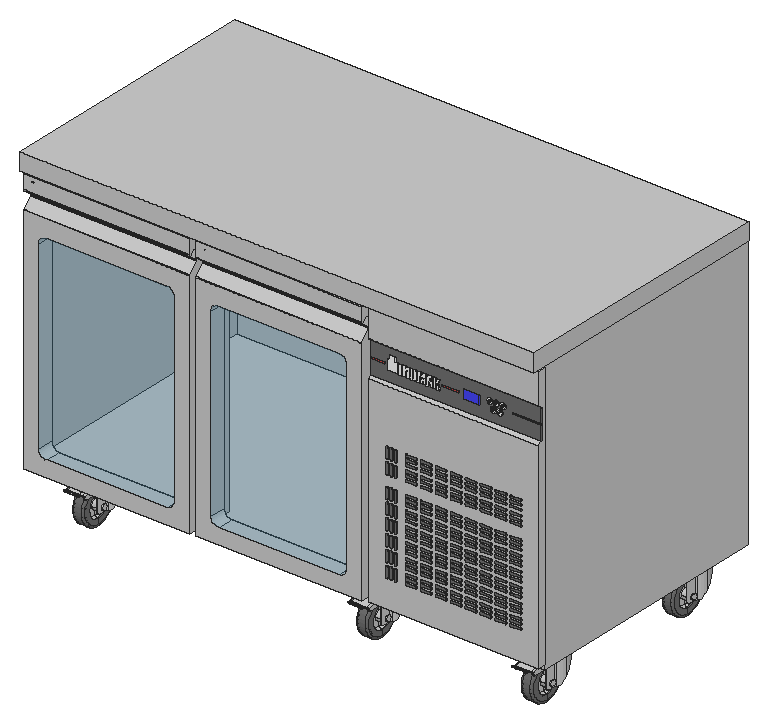
Revit family "QF_INOMAK_PNRP99_GL_250528080251", category Specialty Equipment, Revit 2021
Family settings
  Round Connector Dimension = Use Diameter
  Part Type = Normal
  OmniClass Number = 23.40.40.14
  OmniClass Title = Food Service Equipment
  Work Plane-Based = No
  Always vertical = Yes
  Cut with Voids When Loaded = No
  Shared = No
  Room Calculation Point = No
Parameters (values of type "PNRP99-GL")
  Weight [instance] = 114.001 kg
  Waste Water Discharge Temperature [instance] = 0 °C
  Waste Remarks [instance] = ""
  Warranty Start Date [instance] = ""
  Warranty Duration [instance] = ""
  Volts [instance] = 230 V
  Volt Free Conn [instance] = no
  URL Recommended Spares List [instance] = ""
  URL Manufacturer [instance] = ""
  URL Cutsheet [instance] = ""
  URL Critical Spares List [instance] = ""
  URL = "www.inomak.com"
  Technical Documentation [instance] = ""
  Tag Number [instance] = ""
  Status [instance] = ""
  Start Up Current [instance] = 0 A
  Specification by User [instance] = ""
  Specification by Manufacturer [instance] = ""
  Sound Level [instance] = ""
  Show Logo [instance] = yes
  Show Clearances [instance] = yes
  Service Life Duration [instance] = ""
  Serial Number [instance] = ""
  Seismic Rating [instance] = ""
  SMACNA No [instance] = ""
  Revision Code [instance] = ""
  Revision [instance] = ""
  Production Year [instance] = ""
  Potential Equalisation [instance] = no
  Point Load [instance] = 0
  Plumbing Connection Type [instance] = ""
  Phase [instance] = 1
  Other Equipment Approvals [instance] = ""
  Operational Current [instance] = 0 A
  Number of Poles [instance] = 2
  No Load Power Draw [instance] = no
  NAFEM Spec ID Number [instance] = ""
  Model Warning [instance] = ""
  Model = "PNRP99/GL"
  Min Ckt Ampacity [instance] = 0 A
  Max Overcurrent Protection [instance] = 10 A
  Masterspec [instance] = ""
  Manufacturer = "INOMAK"
  Main switch integrated [instance] = no
  Length Actual [instance] = 1342.136 mm
  Item Number [instance] = ""
  Installed By [instance] = ""
  Installation Date [instance] = ""
  Indirect Waste Size [instance] = 25.4 mm
  Indirect Waste Remarks [instance] = ""
  Indirect Waste Flow [instance] = 0.0 L/s
  Indirect Waste Connection Type [instance] = ""
  Indirect Waste Connection Height [instance] = 0 mm
  Identify Quantity as Lot [instance] = no
  ID [instance] = ""
  Hygiene Approval [instance] = ""
  Height Actual [instance] = 899.922 mm
  HP power [instance] = ""
  Furnished By [instance] = ""
  Foodservice Equipment Identifier [instance] = no
  FL Amps [instance] = 2.8 A
  Electrical Remarks [instance] = ""
  Electric power [instance] = 360 W
  Electric Connection Type [instance] = ""
  Elec Conn RI Height [instance] = 0 mm
  Elec Conn Connection Height [instance] = 0 mm
  ETL Approved [instance] = no
  Direct Waste Water Discharge Temperature [instance] = -273.15 °C
  Direct Waste Size [instance] = 25.4 mm
  Direct Waste RI Height [instance] = 0 mm
  Direct Waste Flow [instance] = 0.0 L/s
  Direct Waste Connection Height [instance] = 0 mm
  Description = "PRUNUS CHILLER COUNTER WITH 2 GN 1/1 GLASS DOORS"
  Depth Actual [instance] = 700.024 mm
  Default Elevation = 0 mm
  Cycle [instance] = 50 Hz
  Cost = 0
  Connection to energy optimisation system [instance] = yes
  Conn Plug [instance] = ""
  Conn Conduit [instance] = no
  Centralized building control system with digital interface [instance] = ""
  CSI MasterFormat [instance] = ""
  CE Approved [instance] = no
  Barcode [instance] = 0
  Author [instance] = ""
  Asset Identifier [instance] = ""
  Apparent Power [instance] = 360 VA
  Accessory [instance] = no
Reference planes
  plane 1 "Center (Front/Back)": y = 0
  plane 2: z = 0
  plane 3 "Center (Left/Right)": x = 0
Forms (mm)
  Extrusion 1, solid, not visible
    sketch origin (1135.055, -260.013, 132.006) x (1, 0, 0) y (0, 1, 0)
      loop
        line (-2, 2) -> (-2, -2) -> (2, -2) -> (2, 2) -> (-2, 2)
    from -2 to 2
  Extrusion 2, solid, not visible
    sketch origin (935.046, -115.006, 132.006) x (1, 0, 0) y (0, 1, 0)
      loop
        line (-2, 2) -> (-2, -2) -> (2, -2) -> (2, 2) -> (-2, 2)
    from -2 to 2
Dimensions and locks
  locked: nested 2 to Extrusion 1 at 2  (x2)
  locked: nested 3 to Extrusion 2 at 2  (x2)
  aligned and locked: level to plane 2
Nested families
  nested 1: "QF_INOMAK_PNRP99-GL_2920" at (0, 0, 130), type "PNRP99-GL"
    with Weight 114.001 kg, Warranty Start Date "", Warranty Duration "", URL Cutsheet "", Technical Documentation "", Tag Number "", Status "", Specification by User "", Specification by Manufacturer "", Sound Level "", Solid Fuel Type "", Show Clearances yes, Show Clearance yes, Service Life Duration "", Serial Number "", Seismic Rating "", SMACNA No "", Revision Code "", Revision "", Production Year "", Point Load 0, Other Equipment Approvals "", NAFEM Spec ID Number "", Model Warning "", Masterspec "", Length Actual 1342.136 mm, Item Number "", Installed By "", Installation Date "", Identify Quantity as Lot yes, ID "", Hygiene Approval "", Height Actual 899.922 mm, Furnished By "", Foodservice Equipment Identifier yes, Finish none, ETL Approved yes, Depth Actual 700.024 mm, CSI MasterFormat "", CE Approved yes, Barcode "", Author "", Asset Identifier "", Accessory no
  nested 2: "CONN_POINT_DRAIN_2D___Generic_Annotation" at (1135.055, -260.013, 130.006), type "CONN_POINT_DRAIN_2D___Generic_Annotation"
    with Onboard connection annotation symbol visibility yes
  nested 3: "CONN_POINT_ELE_2D___Generic_Annotation" at (935.046, -115.006, 130.006), type "CONN_POINT_ELE_2D___Generic_Annotation"
    with Onboard connection annotation symbol visibility yes
  nested 4: "QF_INOMAK_REF_COUNTERS_CASTORS_7160" at (0, 0, 0), type "CT-1345-700"
    with Weight 0.00 kg, Warranty Start Date "", Warranty Duration "", URL Cutsheet "", Technical Documentation "", Tag Number "", Status "", Specification by User "", Specification by Manufacturer "", Sound Level "", Solid Fuel Type "", Show Logo yes, Show Clearances yes, Service Life Duration "", Serial Number "", Seismic Rating "", SMACNA No "", Revision Code "", Revision "", Production Year "", Point Load 0, Other Equipment Approvals "", NAFEM Spec ID Number "", Model Warning "", Masterspec "", Length Actual 1342.136 mm, Item Number "", Installed By "", Installation Date "", Identify Quantity as Lot yes, ID "", Hygiene Approval "", Height Actual 130.048 mm, Furnished By "", Foodservice Equipment Identifier yes, ETL Approved yes, Depth Actual 700.024 mm, CSI MasterFormat "", CE Approved yes, Barcode "", Author "", Asset Identifier "", Accessory yes
  nested 5: "QF_INOMAK_REF_COUNTERS_WORKTOPS_14545" at (0, 0, 840), type "WTWT-1345-700"
    with Worktop without backsplash yes, Worktop with backsplash no, Worktop type 3, Worktop thickness 46 mm, Without worktop no, Weight 0.00 kg, Warranty Start Date "", Warranty Duration "", URL Cutsheet "", Technical Documentation "", Tag Number "", Status "", Specification by User "", Specification by Manufacturer "", Sound Level "", Solid Fuel Type "", Show Logo yes, Show Clearances yes, Service Life Duration "", Serial Number "", Seismic Rating "", SMACNA No "", Revision Code "", Revision "", Production Year "", Point Load 0, Other Equipment Approvals "", NAFEM Spec ID Number "", Model Warning "", Masterspec "", Length Actual 1342.136 mm, Item Number "", Installed By "", Installation Date "", Identify Quantity as Lot yes, ID "", Hygiene Approval "", Height Actual 45.974 mm, Height AFF 0 mm, Furnished By "", Foodservice Equipment Identifier yes, Finish none, ETL Approved yes, Depth Actual 700.024 mm, CSI MasterFormat "", CE Approved yes, Barcode "", Backsplash thickness 20 mm, Backsplash height 60 mm, Author "", Asset Identifier "", Accessory yes
Connectors
  piping at (1135.055, -260.013, 130.006), diameter 25.4, driven by "Indirect Waste Size", driven by "Direct Waste Flow"
    settings: on Extrusion 1, index 1, connector inside diameter 609.6 mm, connector length 0 mm, flow factor 0, pipe flow 0.0 L/s, pressure drop 0.0 Pa, fitting loss kfactor 0, connector angle 0.00°, fixture units 0, engagement length 0 mm, angle of deflection 0.00°, flow configuration 1, flow direction 2, fitting loss method 0, system type 16, joint type 0, gender type 0, connector reference index -1, connector utility 0, adjustable connector no, is connector primary yes, connector description "Waste connection for PNRP99/GL"
  electrical at (935.046, -115.006, 130.006), driven by "Apparent Power", driven by "Number of Poles", driven by "Volts"
    settings: on Extrusion 2, index 2, voltage 230 V, apparent load 0 VA, apparent load phase1 360 VA, apparent load phase2 0 VA, apparent load phase3 0 VA, power factor 1, load classification "Other", number of poles 2, system type 31, power factor state 1, is connector primary yes, connector utility no, sub classification motor no, connector description "Electrical connection for PNRP99/GL"
Definition of nested family "QF_INOMAK_PNRP99-GL_2920"
  Parameters (values of type "PNRP99-GL")
    Weight [instance] = 0.00 kg
    Warranty Start Date [instance] = ""
    Warranty Duration [instance] = ""
    URL Cutsheet [instance] = ""
    URL = "www.inomak.com"
    Technical Documentation [instance] = ""
    Tag Number [instance] = ""
    Status [instance] = ""
    Specification by User [instance] = ""
    Specification by Manufacturer [instance] = ""
    Sound Level [instance] = ""
    Solid Fuel Type [instance] = ""
    Show Logo = yes
    Show Clearances [instance] = yes
    Show Clearance [instance] = yes
    Service Life Duration [instance] = ""
    Serial Number [instance] = ""
    Seismic Rating [instance] = ""
    SMACNA No [instance] = ""
    Revision Code [instance] = ""
    Revision [instance] = ""
    Production Year [instance] = ""
    Point Load [instance] = 0
    Other Equipment Approvals [instance] = ""
    NAFEM Spec ID Number [instance] = ""
    Model Warning [instance] = ""
    Model = "PNRP99/GL"
    Masterspec [instance] = ""
    Manufacturer = "INOMAK"
    Length Actual [instance] = 0 mm
    Item Number [instance] = ""
    Installed By [instance] = ""
    Installation Date [instance] = ""
    Identify Quantity as Lot [instance] = yes
    ID [instance] = ""
    Hygiene Approval [instance] = ""
    Height Actual [instance] = 0 mm
    Furnished By [instance] = ""
    Foodservice Equipment Identifier [instance] = yes
    Finish [instance] = none
    ETL Approved [instance] = yes
    Description = "PRUNUS CHILLER COUNTER WITH 2 GN 1/1 GLASS DOORS"
    Depth Actual [instance] = 0 mm
    Default Elevation = 0 mm
    CSI MasterFormat [instance] = ""
    CE Approved [instance] = yes
    Barcode [instance] = ""
    Author [instance] = ""
    Asset Identifier [instance] = ""
    Assembly Code = "E1090320"
    Accessory [instance] = yes
  Reference planes
    plane 1 "Back": y = 0
    plane 2: z = 0
    plane 3 "Left": x = 0
    plane 4 "Right": x = 1342
    plane 5 "Front": y = -700
    plane 6 "Top": z = 710
  Forms (mm)
    Extrusion 1, solid, material <- "Finish"
      sketch origin (0, 0, 0) x (1, 0, 0) y (0, 1, 0)
        loop
          line (0, -648) -> (30, -648) -> (30, -30) -> (870, -30) -> (870, -648) -> (897, -648) -> (897, -665) -> (1342, -665) -> (1342, 0) -> (0, 0) -> (0, -648)
      from 0 to 710
    Extrusion 2, solid, material <- "Finish"
      sketch origin (0, 0, 0) x (1, 0, 0) y (0, 1, 0)
        loop
          line (30, -30) -> (30, -648) -> (870, -648) -> (870, -30) -> (30, -30)
      from 0 to 45
    Extrusion 3, solid, material <- "Finish"
      sketch origin (0, 0, 710) x (0, 1, 0) y (-1, 0, 0)
        loop
          line (-30, -30) -> (-648, -30) -> (-648, -870) -> (-30, -870) -> (-30, -30)
      from 0 to -30
    Extrusion 4, solid, material <- "Finish"
      sketch origin (1342, 0, 0) x (0, -1, 0) y (0, 0, 1)
        loop
          line (683.05, 705) -> (665, 705) -> (665, 10) -> (683.05, 10) -> (683.05, 532.058) -> (676.05, 539.058) -> (676.05, 618.864) -> (683.05, 625.864) -> (683.05, 705)
      from 0 to 445
    Extrusion 5, solid
      sketch origin (-3, -700, 0) x (-1, 0, 0) y (0, 0, 1)
        loop
          circle (-1211.654, 586.73) r 6.965
        loop
          circle (-1228.685, 586.73) r 6.965
        loop
          circle (-1245.694, 586.73) r 6.965
        loop
          circle (-1220.18, 568.729) r 6.965
        loop
          circle (-1237.189, 568.729) r 6.965
        loop
          circle (-1211.654, 586.73) r 3.965
        loop
          circle (-1228.685, 586.73) r 3.965
        loop
          circle (-1245.694, 586.73) r 3.965
        loop
          circle (-1220.18, 568.729) r 3.965
        loop
          circle (-1237.189, 568.729) r 3.965
      from 23 to 25.5
    Extrusion 6, solid
      sketch origin (-3, -700, 0) x (-1, 0, 0) y (0, 0, 1)
        loop
          line (-1183.865, 590.461) -> (-1183.865, 567.461) -> (-1143.865, 567.461) -> (-1143.865, 590.461) -> (-1183.865, 590.461)
      from 23 to 25.5
    Extrusion 7, solid
      sketch origin (-3, -700, 0) x (-1, 0, 0) y (0, 0, 1)
        loop
          line (-900, 618.864) -> (-1345, 618.864) -> (-1345, 539.058) -> (-900, 539.058) -> (-900, 618.864)
      from 23.5 to 25.5
    Extrusion 8, solid, visible <- "Show Logo"
      sketch origin (-3, -700, 0) x (-1, 0, 0) y (0, 0, 1)
        loop
          line (-944.061, 591.01) -> (-950.061, 591.01) -> (-950.061, 602.118) -> (-964.298, 602.118) -> (-964.298, 591.01) -> (-970.298, 591.01) -> (-970.298, 564.76) -> (-944.061, 564.76) -> (-944.061, 591.01)
        loop
          line (-974.613, 590.698) -> (-981.903, 590.698) -> (-981.903, 564.76) -> (-974.613, 564.76) -> (-974.613, 590.698)
        loop
          line (-984.422, 564.76) -> (-984.422, 590.698) -> (-991.256, 590.698) -> (-994.449, 578.78) -> (-994.449, 590.698) -> (-1000.982, 590.698) -> (-1000.982, 564.76) -> (-994.449, 564.76) -> (-990.735, 578.623) -> (-990.735, 564.76) -> (-984.422, 564.76)
        loop
          line (-1021.664, 564.76) -> (-1021.664, 590.698) -> (-1030.626, 590.698) -> (-1032.988, 576.688) -> (-1035.35, 590.698) -> (-1044.312, 590.698) -> (-1044.312, 564.76) -> (-1037.687, 564.76) -> (-1037.687, 578.623) -> (-1035.35, 564.76) -> (-1030.626, 564.76) -> (-1028.289, 578.623) -> (-1028.289, 564.76) -> (-1021.664, 564.76)
        loop
          line (-1006.851, 590.698) -> (-1016.176, 590.698)
          arc (-1016.176, 590.698) -> (-1018.773, 589.622) -> (-1019.849, 587.026) r 3.672
          line (-1019.849, 587.026) -> (-1019.849, 568.433)
          arc (-1019.849, 568.433) -> (-1018.773, 565.836) -> (-1016.176, 564.76) r 3.672
          line (-1016.176, 564.76) -> (-1006.851, 564.76)
          arc (-1006.851, 564.76) -> (-1004.255, 565.836) -> (-1003.179, 568.433) r 3.672
          line (-1003.179, 568.433) -> (-1003.179, 587.026)
          arc (-1003.179, 587.026) -> (-1004.255, 589.622) -> (-1006.851, 590.698) r 3.672
        loop
          arc (-1010.487, 587.542) -> (-1011.514, 588.569) -> (-1012.541, 587.542) r 1.027
          line (-1012.541, 587.542) -> (-1012.541, 568.949)
          arc (-1012.541, 568.949) -> (-1011.514, 567.922) -> (-1010.487, 568.949) r 1.027
          line (-1010.487, 568.949) -> (-1010.487, 587.542)
        loop
          line (-1045.382, 564.76) -> (-1049.755, 590.698) -> (-1058.615, 590.698) -> (-1062.988, 564.76) -> (-1056.461, 564.76) -> (-1055.852, 569.723) -> (-1052.518, 569.723) -> (-1051.909, 564.76) -> (-1045.382, 564.76)
        loop
          line (-1053.074, 574.252) -> (-1054.185, 583.299) -> (-1055.296, 574.252) -> (-1053.074, 574.252)
        loop
          line (-1063.954, 564.76) -> (-1063.954, 590.698) -> (-1070.579, 590.698) -> (-1070.579, 581.585) -> (-1073.365, 590.698) -> (-1080.803, 590.698) -> (-1076.474, 579.422) -> (-1081.522, 564.76) -> (-1073.939, 564.76) -> (-1070.579, 577.3) -> (-1070.579, 564.76) -> (-1063.954, 564.76)
      from 23 to 25.5
    Extrusion 9, solid
      sketch origin (-3, -700, 0) x (-1, 0, 0) y (0, 0, 1)
        loop
          line (-900, 580.961) -> (-936.995, 580.961) -> (-936.995, 576.961) -> (-900, 576.961) -> (-900, 580.961)
        loop
          line (-1085, 580.961) -> (-1129.365, 580.961) -> (-1129.365, 576.961) -> (-1085, 576.961) -> (-1085, 580.961)
        loop
          line (-1345, 580.961) -> (-1345, 576.961) -> (-1271.755, 576.961) -> (-1271.755, 580.961) -> (-1345, 580.961)
      from 23 to 25.5
    Extrusion 10, solid, material <- "Finish"
      sketch origin (0, 0, -150) x (0, -1, 0) y (0, 0, 1)
        loop
          line (690, 759.847) -> (690, 764.365)
          arc (690, 764.365) -> (689.866, 765.037) -> (689.485, 765.607) r 1.757
          line (689.485, 765.607) -> (666.663, 788.429)
          arc (666.663, 788.429) -> (665.976, 789.458) -> (665.734, 790.672) r 3.172
          line (665.734, 790.672) -> (665.734, 817.576)
          arc (665.734, 817.576) -> (666.433, 819.262) -> (668.119, 819.961) r 2.385
          line (668.119, 819.961) -> (680.029, 819.961) -> (686.544, 810.657)
          arc (686.544, 810.657) -> (688.671, 809.935) -> (690, 811.747) r 1.9
          line (690, 811.747) -> (690, 850) -> (648, 850) -> (648, 759.847) -> (690, 759.847)
      from 0 to -435
    Extrusion 11, solid, detail levels coarse
      sketch origin (0, -700, 10) x (-1, 0, 0) y (0, 1, 0)
        loop
          arc (-435, 10) -> (-307.591, -297.591) -> (0, -425) r 435
          line (0, -425) -> (0, 10) -> (-435, 10)
      from 0 to -690
    Extrusion 12, solid, material <- "Finish"
      sketch origin (0, -700, 0) x (-1, 0, 0) y (0, 0, 1)
        loop
          line (0, 609.847) -> (-435, 609.847) -> (-435, 10) -> (0, 10) -> (0, 609.847)
        loop
          line (-40, 70) -> (-40, 549.847)
          arc (-40, 549.847) -> (-45.858, 563.989) -> (-60, 569.847) r 20
          line (-60, 569.847) -> (-375, 569.847)
          arc (-375, 569.847) -> (-389.142, 563.989) -> (-395, 549.847) r 20
          line (-395, 549.847) -> (-395, 70)
          arc (-395, 70) -> (-389.142, 55.858) -> (-375, 50) r 20
          line (-375, 50) -> (-60, 50)
          arc (-60, 50) -> (-45.858, 55.858) -> (-40, 70) r 20
      from 10 to 52
    Extrusion 13, solid
      sketch origin (0, -700, 0) x (-1, 0, 0) y (0, 0, 1)
        loop
          line (-60, 569.847) -> (-375, 569.847)
          arc (-375, 569.847) -> (-389.142, 563.989) -> (-395, 549.847) r 20
          line (-395, 549.847) -> (-395, 70)
          arc (-395, 70) -> (-389.142, 55.858) -> (-375, 50) r 20
          line (-375, 50) -> (-60, 50)
          arc (-60, 50) -> (-45.858, 55.858) -> (-40, 70) r 20
          line (-40, 70) -> (-40, 549.847)
          arc (-40, 549.847) -> (-45.858, 563.989) -> (-60, 569.847) r 20
      from 10 to 52
    Extrusion 14, solid, material <- "Finish"
      sketch origin (885, 0, -150) x (0, -1, 0) y (0, 0, -1)
        loop
          line (690, -759.847) -> (648, -759.847) -> (648, -850) -> (690, -850) -> (690, -811.747)
          arc (690, -811.747) -> (688.671, -809.935) -> (686.544, -810.657) r 1.9
          line (686.544, -810.657) -> (680.029, -819.961) -> (668.119, -819.961)
          arc (668.119, -819.961) -> (666.433, -819.262) -> (665.734, -817.576) r 2.385
          line (665.734, -817.576) -> (665.734, -790.672)
          arc (665.734, -790.672) -> (665.976, -789.458) -> (666.663, -788.429) r 3.172
          line (666.663, -788.429) -> (689.485, -765.607)
          arc (689.485, -765.607) -> (689.866, -765.037) -> (690, -764.365) r 1.757
          line (690, -764.365) -> (690, -759.847)
      from 0 to -435
    Extrusion 15, solid, detail levels coarse
      sketch origin (885, -700, 10) x (-1, 0, 0) y (0, 1, 0)
        loop
          line (435, 10) -> (0, 10) -> (0, -425)
          arc (0, -425) -> (307.591, -297.591) -> (435, 10) r 435
      from 0 to -690
    Extrusion 16, solid, material <- "Finish"
      sketch origin (885, -700, 0) x (1, 0, 0) y (0, 0, -1)
        loop
          line (0, -609.847) -> (0, -10) -> (-435, -10) -> (-435, -609.847) -> (0, -609.847)
        loop
          arc (-40, -70) -> (-45.858, -55.858) -> (-60, -50) r 20
          line (-60, -50) -> (-375, -50)
          arc (-375, -50) -> (-389.142, -55.858) -> (-395, -70) r 20
          line (-395, -70) -> (-395, -549.847)
          arc (-395, -549.847) -> (-389.142, -563.989) -> (-375, -569.847) r 20
          line (-375, -569.847) -> (-60, -569.847)
          arc (-60, -569.847) -> (-45.858, -563.989) -> (-40, -549.847) r 20
          line (-40, -549.847) -> (-40, -70)
      from 10 to 52
    Extrusion 17, solid
      sketch origin (885, -700, 0) x (1, 0, 0) y (0, 0, -1)
        loop
          arc (-60, -569.847) -> (-45.858, -563.989) -> (-40, -549.847) r 20
          line (-40, -549.847) -> (-40, -70)
          arc (-40, -70) -> (-45.858, -55.858) -> (-60, -50) r 20
          line (-60, -50) -> (-375, -50)
          arc (-375, -50) -> (-389.142, -55.858) -> (-395, -70) r 20
          line (-395, -70) -> (-395, -549.847)
          arc (-395, -549.847) -> (-389.142, -563.989) -> (-375, -569.847) r 20
          line (-375, -569.847) -> (-60, -569.847)
      from 10 to 52
    Extrusion 18, solid, material <- "Finish"
      sketch origin (0, 0, 0) x (1, 0, 0) y (0, 1, 0)
        loop
          line (480, -648) -> (480, -618) -> (405, -618) -> (405, -648) -> (480, -648)
      from 45 to 680
  Cuts and joins
    joined: Extrusion 1, Extrusion 2, Extrusion 3
    joined: Extrusion 10, Extrusion 12
    joined: Extrusion 14, Extrusion 16
  Lines and regions (mm)
    symbolic lines, visible <- "Show Clearance"
      curve 1: line (0, 0, 0) -> (1342, 0, 0)
      curve 2: line (1342, 0, 0) -> (1342, -700, 0)
      curve 3: line (1342, -700, 0) -> (0, -700, 0)
      curve 4: line (0, -700, 0) -> (0, 0, 0)
    symbolic lines
      curve 5: line (0, -700, 150) -> (0, -1125, 150)
      curve 6: arc (0, -1125, 150) -> (304.035, -1001.107, 150) -> (434.885, -700, 150) r 435
      curve 7: line (885, -700, 150) -> (885, -1125, 150)
      curve 8: arc (885, -1125, 150) -> (580.965, -1001.107, 150) -> (450.115, -700, 150) r 435
  Dimensions and locks
    plane 3 "Left" to plane 4 "Right" = 1342 mm
    plane 5 "Front" to plane 1 "Back" = 700 mm
    plane 6 "Top" to plane 2 = 710 mm
    aligned and locked: level to plane 2
    aligned and locked: plane 6 "Top" to Extrusion 1
    aligned and locked: nested 1 to plane 4 "Right"
    aligned and locked: plane 5 "Front" to nested 1
    aligned and locked: Extrusion 11 to curve 5
    aligned and locked: curve 7 to Extrusion 15
    aligned and locked: plane 5 "Front" to curve 3
  Nested families
    nested 1: "QF_INOMAK_CONRTOL-PANEL" at (1342, 0, 0), type "PNRP9999"
      with Show Clearance yes
  Definition of nested family "QF_INOMAK_CONRTOL-PANEL"
    Parameters (values of type "PNRP9999")
      URL = ""
      Show Logo = yes
      Show Clearance [instance] = yes
      Model = ""
      Manufacturer = ""
      Length = 0 mm
      Height = 710 mm
      Front offset = 80 mm
      Description = ""
      Depth = 700 mm
      Default Elevation = 0 mm
      Assembly Code = ""
    Reference planes
      plane 1 "Back": y = 0
      plane 2: z = 0
      plane 3 "Left": x = 0
      plane 4 "Right": x = 0
      plane 5 "Front": y = -700
      plane 6 "Top": z = 710
      plane 7 "Front offset": y = -620
    Forms (mm)
      Extrusion 1, solid
        sketch origin (-2240, -700, 0) x (-1, 0, 0) y (0, 0, 1)
          loop
            arc (-2191.4, 389.855) -> (-2194.4, 386.855) -> (-2191.4, 383.855) r 3
            line (-2191.4, 383.855) -> (-2167.4, 383.855)
            arc (-2167.4, 383.855) -> (-2164.4, 386.855) -> (-2167.4, 389.855) r 3
            line (-2167.4, 389.855) -> (-2191.4, 389.855)
          loop
            arc (-2152.4, 389.855) -> (-2155.4, 386.855) -> (-2152.4, 383.855) r 3
            line (-2152.4, 383.855) -> (-2128.4, 383.855)
            arc (-2128.4, 383.855) -> (-2125.4, 386.855) -> (-2128.4, 389.855) r 3
            line (-2128.4, 389.855) -> (-2152.4, 389.855)
          loop
            arc (-2113.4, 389.855) -> (-2116.4, 386.855) -> (-2113.4, 383.855) r 3
            line (-2113.4, 383.855) -> (-2089.4, 383.855)
            arc (-2089.4, 383.855) -> (-2086.4, 386.855) -> (-2089.4, 389.855) r 3
            line (-2089.4, 389.855) -> (-2113.4, 389.855)
          loop
            arc (-2074.4, 389.855) -> (-2077.4, 386.855) -> (-2074.4, 383.855) r 3
            line (-2074.4, 383.855) -> (-2050.4, 383.855)
            arc (-2050.4, 383.855) -> (-2047.4, 386.855) -> (-2050.4, 389.855) r 3
            line (-2050.4, 389.855) -> (-2074.4, 389.855)
          loop
            arc (-2035.4, 389.855) -> (-2038.4, 386.855) -> (-2035.4, 383.855) r 3
            line (-2035.4, 383.855) -> (-2011.4, 383.855)
            arc (-2011.4, 383.855) -> (-2008.4, 386.855) -> (-2011.4, 389.855) r 3
            line (-2011.4, 389.855) -> (-2035.4, 389.855)
          loop
            arc (-1996.4, 389.855) -> (-1999.4, 386.855) -> (-1996.4, 383.855) r 3
            line (-1996.4, 383.855) -> (-1972.4, 383.855)
            arc (-1972.4, 383.855) -> (-1969.4, 386.855) -> (-1972.4, 389.855) r 3
            line (-1972.4, 389.855) -> (-1996.4, 389.855)
          loop
            arc (-1957.4, 389.855) -> (-1960.4, 386.855) -> (-1957.4, 383.855) r 3
            line (-1957.4, 383.855) -> (-1933.4, 383.855)
            arc (-1933.4, 383.855) -> (-1930.4, 386.855) -> (-1933.4, 389.855) r 3
            line (-1933.4, 389.855) -> (-1957.4, 389.855)
          loop
            arc (-1918.4, 389.855) -> (-1921.4, 386.855) -> (-1918.4, 383.855) r 3
            line (-1918.4, 383.855) -> (-1894.4, 383.855)
            arc (-1894.4, 383.855) -> (-1891.4, 386.855) -> (-1894.4, 389.855) r 3
            line (-1894.4, 389.855) -> (-1918.4, 389.855)
          loop
            arc (-2191.4, 378.855) -> (-2194.4, 375.855) -> (-2191.4, 372.855) r 3
            line (-2191.4, 372.855) -> (-2167.4, 372.855)
            arc (-2167.4, 372.855) -> (-2164.4, 375.855) -> (-2167.4, 378.855) r 3
            line (-2167.4, 378.855) -> (-2191.4, 378.855)
          loop
            arc (-2152.4, 378.855) -> (-2155.4, 375.855) -> (-2152.4, 372.855) r 3
            line (-2152.4, 372.855) -> (-2128.4, 372.855)
            arc (-2128.4, 372.855) -> (-2125.4, 375.855) -> (-2128.4, 378.855) r 3
            line (-2128.4, 378.855) -> (-2152.4, 378.855)
          loop
            arc (-2113.4, 378.855) -> (-2116.4, 375.855) -> (-2113.4, 372.855) r 3
            line (-2113.4, 372.855) -> (-2089.4, 372.855)
            arc (-2089.4, 372.855) -> (-2086.4, 375.855) -> (-2089.4, 378.855) r 3
            line (-2089.4, 378.855) -> (-2113.4, 378.855)
          loop
            arc (-2074.4, 378.855) -> (-2077.4, 375.855) -> (-2074.4, 372.855) r 3
            line (-2074.4, 372.855) -> (-2050.4, 372.855)
            arc (-2050.4, 372.855) -> (-2047.4, 375.855) -> (-2050.4, 378.855) r 3
            line (-2050.4, 378.855) -> (-2074.4, 378.855)
          loop
            arc (-2035.4, 378.855) -> (-2038.4, 375.855) -> (-2035.4, 372.855) r 3
            line (-2035.4, 372.855) -> (-2011.4, 372.855)
            arc (-2011.4, 372.855) -> (-2008.4, 375.855) -> (-2011.4, 378.855) r 3
            line (-2011.4, 378.855) -> (-2035.4, 378.855)
          loop
            arc (-1996.4, 378.855) -> (-1999.4, 375.855) -> (-1996.4, 372.855) r 3
            line (-1996.4, 372.855) -> (-1972.4, 372.855)
            arc (-1972.4, 372.855) -> (-1969.4, 375.855) -> (-1972.4, 378.855) r 3
            line (-1972.4, 378.855) -> (-1996.4, 378.855)
          loop
            arc (-1957.4, 378.855) -> (-1960.4, 375.855) -> (-1957.4, 372.855) r 3
            line (-1957.4, 372.855) -> (-1933.4, 372.855)
            arc (-1933.4, 372.855) -> (-1930.4, 375.855) -> (-1933.4, 378.855) r 3
            line (-1933.4, 378.855) -> (-1957.4, 378.855)
          loop
            arc (-1918.4, 378.855) -> (-1921.4, 375.855) -> (-1918.4, 372.855) r 3
            line (-1918.4, 372.855) -> (-1894.4, 372.855)
            arc (-1894.4, 372.855) -> (-1891.4, 375.855) -> (-1894.4, 378.855) r 3
            line (-1894.4, 378.855) -> (-1918.4, 378.855)
          loop
            arc (-2191.4, 367.855) -> (-2194.4, 364.855) -> (-2191.4, 361.855) r 3
            line (-2191.4, 361.855) -> (-2167.4, 361.855)
            arc (-2167.4, 361.855) -> (-2164.4, 364.855) -> (-2167.4, 367.855) r 3
            line (-2167.4, 367.855) -> (-2191.4, 367.855)
          loop
            arc (-2152.4, 367.855) -> (-2155.4, 364.855) -> (-2152.4, 361.855) r 3
            line (-2152.4, 361.855) -> (-2128.4, 361.855)
            arc (-2128.4, 361.855) -> (-2125.4, 364.855) -> (-2128.4, 367.855) r 3
            line (-2128.4, 367.855) -> (-2152.4, 367.855)
          loop
            arc (-2113.4, 367.855) -> (-2116.4, 364.855) -> (-2113.4, 361.855) r 3
            line (-2113.4, 361.855) -> (-2089.4, 361.855)
            arc (-2089.4, 361.855) -> (-2086.4, 364.855) -> (-2089.4, 367.855) r 3
            line (-2089.4, 367.855) -> (-2113.4, 367.855)
          loop
            arc (-2074.4, 367.855) -> (-2077.4, 364.855) -> (-2074.4, 361.855) r 3
            line (-2074.4, 361.855) -> (-2050.4, 361.855)
            arc (-2050.4, 361.855) -> (-2047.4, 364.855) -> (-2050.4, 367.855) r 3
            line (-2050.4, 367.855) -> (-2074.4, 367.855)
          loop
            arc (-2035.4, 367.855) -> (-2038.4, 364.855) -> (-2035.4, 361.855) r 3
            line (-2035.4, 361.855) -> (-2011.4, 361.855)
            arc (-2011.4, 361.855) -> (-2008.4, 364.855) -> (-2011.4, 367.855) r 3
            line (-2011.4, 367.855) -> (-2035.4, 367.855)
          loop
            arc (-1996.4, 367.855) -> (-1999.4, 364.855) -> (-1996.4, 361.855) r 3
            line (-1996.4, 361.855) -> (-1972.4, 361.855)
            arc (-1972.4, 361.855) -> (-1969.4, 364.855) -> (-1972.4, 367.855) r 3
            line (-1972.4, 367.855) -> (-1996.4, 367.855)
          loop
            arc (-1957.4, 367.855) -> (-1960.4, 364.855) -> (-1957.4, 361.855) r 3
            line (-1957.4, 361.855) -> (-1933.4, 361.855)
            arc (-1933.4, 361.855) -> (-1930.4, 364.855) -> (-1933.4, 367.855) r 3
            line (-1933.4, 367.855) -> (-1957.4, 367.855)
          loop
            arc (-1918.4, 367.855) -> (-1921.4, 364.855) -> (-1918.4, 361.855) r 3
            line (-1918.4, 361.855) -> (-1894.4, 361.855)
            arc (-1894.4, 361.855) -> (-1891.4, 364.855) -> (-1894.4, 367.855) r 3
            line (-1894.4, 367.855) -> (-1918.4, 367.855)
          loop
            arc (-2191.4, 352.855) -> (-2194.4, 349.855) -> (-2191.4, 346.855) r 3
            line (-2191.4, 346.855) -> (-2167.4, 346.855)
            arc (-2167.4, 346.855) -> (-2164.4, 349.855) -> (-2167.4, 352.855) r 3
            line (-2167.4, 352.855) -> (-2191.4, 352.855)
          loop
            arc (-2152.4, 352.855) -> (-2155.4, 349.855) -> (-2152.4, 346.855) r 3
            line (-2152.4, 346.855) -> (-2128.4, 346.855)
            arc (-2128.4, 346.855) -> (-2125.4, 349.855) -> (-2128.4, 352.855) r 3
            line (-2128.4, 352.855) -> (-2152.4, 352.855)
          loop
            arc (-2113.4, 352.855) -> (-2116.4, 349.855) -> (-2113.4, 346.855) r 3
            line (-2113.4, 346.855) -> (-2089.4, 346.855)
            arc (-2089.4, 346.855) -> (-2086.4, 349.855) -> (-2089.4, 352.855) r 3
            line (-2089.4, 352.855) -> (-2113.4, 352.855)
          loop
            arc (-2074.4, 352.855) -> (-2077.4, 349.855) -> (-2074.4, 346.855) r 3
            line (-2074.4, 346.855) -> (-2050.4, 346.855)
            arc (-2050.4, 346.855) -> (-2047.4, 349.855) -> (-2050.4, 352.855) r 3
            line (-2050.4, 352.855) -> (-2074.4, 352.855)
          loop
            arc (-2035.4, 352.855) -> (-2038.4, 349.855) -> (-2035.4, 346.855) r 3
            line (-2035.4, 346.855) -> (-2011.4, 346.855)
            arc (-2011.4, 346.855) -> (-2008.4, 349.855) -> (-2011.4, 352.855) r 3
            line (-2011.4, 352.855) -> (-2035.4, 352.855)
          loop
            arc (-1996.4, 352.855) -> (-1999.4, 349.855) -> (-1996.4, 346.855) r 3
            line (-1996.4, 346.855) -> (-1972.4, 346.855)
            arc (-1972.4, 346.855) -> (-1969.4, 349.855) -> (-1972.4, 352.855) r 3
            line (-1972.4, 352.855) -> (-1996.4, 352.855)
          loop
            arc (-1957.4, 352.855) -> (-1960.4, 349.855) -> (-1957.4, 346.855) r 3
            line (-1957.4, 346.855) -> (-1933.4, 346.855)
            arc (-1933.4, 346.855) -> (-1930.4, 349.855) -> (-1933.4, 352.855) r 3
            line (-1933.4, 352.855) -> (-1957.4, 352.855)
          loop
            arc (-1918.4, 352.855) -> (-1921.4, 349.855) -> (-1918.4, 346.855) r 3
            line (-1918.4, 346.855) -> (-1894.4, 346.855)
            arc (-1894.4, 346.855) -> (-1891.4, 349.855) -> (-1894.4, 352.855) r 3
            line (-1894.4, 352.855) -> (-1918.4, 352.855)
          loop
            arc (-2191.4, 341.855) -> (-2194.4, 338.855) -> (-2191.4, 335.855) r 3
            line (-2191.4, 335.855) -> (-2167.4, 335.855)
            arc (-2167.4, 335.855) -> (-2164.4, 338.855) -> (-2167.4, 341.855) r 3
            line (-2167.4, 341.855) -> (-2191.4, 341.855)
          loop
            arc (-2152.4, 341.855) -> (-2155.4, 338.855) -> (-2152.4, 335.855) r 3
            line (-2152.4, 335.855) -> (-2128.4, 335.855)
            arc (-2128.4, 335.855) -> (-2125.4, 338.855) -> (-2128.4, 341.855) r 3
            line (-2128.4, 341.855) -> (-2152.4, 341.855)
          loop
            arc (-2113.4, 341.855) -> (-2116.4, 338.855) -> (-2113.4, 335.855) r 3
            line (-2113.4, 335.855) -> (-2089.4, 335.855)
            arc (-2089.4, 335.855) -> (-2086.4, 338.855) -> (-2089.4, 341.855) r 3
            line (-2089.4, 341.855) -> (-2113.4, 341.855)
          loop
            arc (-2074.4, 341.855) -> (-2077.4, 338.855) -> (-2074.4, 335.855) r 3
            line (-2074.4, 335.855) -> (-2050.4, 335.855)
            arc (-2050.4, 335.855) -> (-2047.4, 338.855) -> (-2050.4, 341.855) r 3
            line (-2050.4, 341.855) -> (-2074.4, 341.855)
          loop
            arc (-2035.4, 341.855) -> (-2038.4, 338.855) -> (-2035.4, 335.855) r 3
            line (-2035.4, 335.855) -> (-2011.4, 335.855)
            arc (-2011.4, 335.855) -> (-2008.4, 338.855) -> (-2011.4, 341.855) r 3
            line (-2011.4, 341.855) -> (-2035.4, 341.855)
          loop
            arc (-1996.4, 341.855) -> (-1999.4, 338.855) -> (-1996.4, 335.855) r 3
            line (-1996.4, 335.855) -> (-1972.4, 335.855)
            arc (-1972.4, 335.855) -> (-1969.4, 338.855) -> (-1972.4, 341.855) r 3
            line (-1972.4, 341.855) -> (-1996.4, 341.855)
          loop
            arc (-1957.4, 341.855) -> (-1960.4, 338.855) -> (-1957.4, 335.855) r 3
            line (-1957.4, 335.855) -> (-1933.4, 335.855)
            arc (-1933.4, 335.855) -> (-1930.4, 338.855) -> (-1933.4, 341.855) r 3
            line (-1933.4, 341.855) -> (-1957.4, 341.855)
          loop
            arc (-1918.4, 341.855) -> (-1921.4, 338.855) -> (-1918.4, 335.855) r 3
            line (-1918.4, 335.855) -> (-1894.4, 335.855)
            arc (-1894.4, 335.855) -> (-1891.4, 338.855) -> (-1894.4, 341.855) r 3
            line (-1894.4, 341.855) -> (-1918.4, 341.855)
          loop
            arc (-2191.4, 330.855) -> (-2194.4, 327.855) -> (-2191.4, 324.855) r 3
            line (-2191.4, 324.855) -> (-2167.4, 324.855)
            arc (-2167.4, 324.855) -> (-2164.4, 327.855) -> (-2167.4, 330.855) r 3
            line (-2167.4, 330.855) -> (-2191.4, 330.855)
          loop
            arc (-2152.4, 330.855) -> (-2155.4, 327.855) -> (-2152.4, 324.855) r 3
            line (-2152.4, 324.855) -> (-2128.4, 324.855)
            arc (-2128.4, 324.855) -> (-2125.4, 327.855) -> (-2128.4, 330.855) r 3
            line (-2128.4, 330.855) -> (-2152.4, 330.855)
          loop
            arc (-2113.4, 330.855) -> (-2116.4, 327.855) -> (-2113.4, 324.855) r 3
            line (-2113.4, 324.855) -> (-2089.4, 324.855)
            arc (-2089.4, 324.855) -> (-2086.4, 327.855) -> (-2089.4, 330.855) r 3
            line (-2089.4, 330.855) -> (-2113.4, 330.855)
          loop
            arc (-2074.4, 330.855) -> (-2077.4, 327.855) -> (-2074.4, 324.855) r 3
            line (-2074.4, 324.855) -> (-2050.4, 324.855)
            arc (-2050.4, 324.855) -> (-2047.4, 327.855) -> (-2050.4, 330.855) r 3
            line (-2050.4, 330.855) -> (-2074.4, 330.855)
          loop
            arc (-2035.4, 330.855) -> (-2038.4, 327.855) -> (-2035.4, 324.855) r 3
            line (-2035.4, 324.855) -> (-2011.4, 324.855)
            arc (-2011.4, 324.855) -> (-2008.4, 327.855) -> (-2011.4, 330.855) r 3
            line (-2011.4, 330.855) -> (-2035.4, 330.855)
          loop
            arc (-1996.4, 330.855) -> (-1999.4, 327.855) -> (-1996.4, 324.855) r 3
            line (-1996.4, 324.855) -> (-1972.4, 324.855)
            arc (-1972.4, 324.855) -> (-1969.4, 327.855) -> (-1972.4, 330.855) r 3
            line (-1972.4, 330.855) -> (-1996.4, 330.855)
          loop
            arc (-1957.4, 330.855) -> (-1960.4, 327.855) -> (-1957.4, 324.855) r 3
            line (-1957.4, 324.855) -> (-1933.4, 324.855)
            arc (-1933.4, 324.855) -> (-1930.4, 327.855) -> (-1933.4, 330.855) r 3
            line (-1933.4, 330.855) -> (-1957.4, 330.855)
          loop
            arc (-1918.4, 330.855) -> (-1921.4, 327.855) -> (-1918.4, 324.855) r 3
            line (-1918.4, 324.855) -> (-1894.4, 324.855)
            arc (-1894.4, 324.855) -> (-1891.4, 327.855) -> (-1894.4, 330.855) r 3
            line (-1894.4, 330.855) -> (-1918.4, 330.855)
          loop
            arc (-2191.4, 295.855) -> (-2194.4, 292.855) -> (-2191.4, 289.855) r 3
            line (-2191.4, 289.855) -> (-2167.4, 289.855)
            arc (-2167.4, 289.855) -> (-2164.4, 292.855) -> (-2167.4, 295.855) r 3
            line (-2167.4, 295.855) -> (-2191.4, 295.855)
          loop
            arc (-2152.4, 295.855) -> (-2155.4, 292.855) -> (-2152.4, 289.855) r 3
            line (-2152.4, 289.855) -> (-2128.4, 289.855)
            arc (-2128.4, 289.855) -> (-2125.4, 292.855) -> (-2128.4, 295.855) r 3
            line (-2128.4, 295.855) -> (-2152.4, 295.855)
          loop
            arc (-2113.4, 295.855) -> (-2116.4, 292.855) -> (-2113.4, 289.855) r 3
            line (-2113.4, 289.855) -> (-2089.4, 289.855)
            arc (-2089.4, 289.855) -> (-2086.4, 292.855) -> (-2089.4, 295.855) r 3
            line (-2089.4, 295.855) -> (-2113.4, 295.855)
          loop
            arc (-2074.4, 295.855) -> (-2077.4, 292.855) -> (-2074.4, 289.855) r 3
            line (-2074.4, 289.855) -> (-2050.4, 289.855)
            arc (-2050.4, 289.855) -> (-2047.4, 292.855) -> (-2050.4, 295.855) r 3
            line (-2050.4, 295.855) -> (-2074.4, 295.855)
          loop
            arc (-2035.4, 295.855) -> (-2038.4, 292.855) -> (-2035.4, 289.855) r 3
            line (-2035.4, 289.855) -> (-2011.4, 289.855)
            arc (-2011.4, 289.855) -> (-2008.4, 292.855) -> (-2011.4, 295.855) r 3
            line (-2011.4, 295.855) -> (-2035.4, 295.855)
          loop
            arc (-1996.4, 295.855) -> (-1999.4, 292.855) -> (-1996.4, 289.855) r 3
            line (-1996.4, 289.855) -> (-1972.4, 289.855)
            arc (-1972.4, 289.855) -> (-1969.4, 292.855) -> (-1972.4, 295.855) r 3
            line (-1972.4, 295.855) -> (-1996.4, 295.855)
          loop
            arc (-1957.4, 295.855) -> (-1960.4, 292.855) -> (-1957.4, 289.855) r 3
            line (-1957.4, 289.855) -> (-1933.4, 289.855)
            arc (-1933.4, 289.855) -> (-1930.4, 292.855) -> (-1933.4, 295.855) r 3
            line (-1933.4, 295.855) -> (-1957.4, 295.855)
          loop
            arc (-1918.4, 295.855) -> (-1921.4, 292.855) -> (-1918.4, 289.855) r 3
            line (-1918.4, 289.855) -> (-1894.4, 289.855)
            arc (-1894.4, 289.855) -> (-1891.4, 292.855) -> (-1894.4, 295.855) r 3
            line (-1894.4, 295.855) -> (-1918.4, 295.855)
          loop
            arc (-2191.4, 284.855) -> (-2194.4, 281.855) -> (-2191.4, 278.855) r 3
            line (-2191.4, 278.855) -> (-2167.4, 278.855)
            arc (-2167.4, 278.855) -> (-2164.4, 281.855) -> (-2167.4, 284.855) r 3
            line (-2167.4, 284.855) -> (-2191.4, 284.855)
          loop
            arc (-2152.4, 284.855) -> (-2155.4, 281.855) -> (-2152.4, 278.855) r 3
            line (-2152.4, 278.855) -> (-2128.4, 278.855)
            arc (-2128.4, 278.855) -> (-2125.4, 281.855) -> (-2128.4, 284.855) r 3
            line (-2128.4, 284.855) -> (-2152.4, 284.855)
          loop
            arc (-2113.4, 284.855) -> (-2116.4, 281.855) -> (-2113.4, 278.855) r 3
            line (-2113.4, 278.855) -> (-2089.4, 278.855)
            arc (-2089.4, 278.855) -> (-2086.4, 281.855) -> (-2089.4, 284.855) r 3
            line (-2089.4, 284.855) -> (-2113.4, 284.855)
          loop
            arc (-2074.4, 284.855) -> (-2077.4, 281.855) -> (-2074.4, 278.855) r 3
            line (-2074.4, 278.855) -> (-2050.4, 278.855)
            arc (-2050.4, 278.855) -> (-2047.4, 281.855) -> (-2050.4, 284.855) r 3
            line (-2050.4, 284.855) -> (-2074.4, 284.855)
          loop
            arc (-2035.4, 284.855) -> (-2038.4, 281.855) -> (-2035.4, 278.855) r 3
            line (-2035.4, 278.855) -> (-2011.4, 278.855)
            arc (-2011.4, 278.855) -> (-2008.4, 281.855) -> (-2011.4, 284.855) r 3
            line (-2011.4, 284.855) -> (-2035.4, 284.855)
          loop
            arc (-1996.4, 284.855) -> (-1999.4, 281.855) -> (-1996.4, 278.855) r 3
            line (-1996.4, 278.855) -> (-1972.4, 278.855)
            arc (-1972.4, 278.855) -> (-1969.4, 281.855) -> (-1972.4, 284.855) r 3
            line (-1972.4, 284.855) -> (-1996.4, 284.855)
          loop
            arc (-1957.4, 284.855) -> (-1960.4, 281.855) -> (-1957.4, 278.855) r 3
            line (-1957.4, 278.855) -> (-1933.4, 278.855)
            arc (-1933.4, 278.855) -> (-1930.4, 281.855) -> (-1933.4, 284.855) r 3
            line (-1933.4, 284.855) -> (-1957.4, 284.855)
          loop
            arc (-1918.4, 284.855) -> (-1921.4, 281.855) -> (-1918.4, 278.855) r 3
            line (-1918.4, 278.855) -> (-1894.4, 278.855)
            arc (-1894.4, 278.855) -> (-1891.4, 281.855) -> (-1894.4, 284.855) r 3
            line (-1894.4, 284.855) -> (-1918.4, 284.855)
          loop
            arc (-2191.4, 273.855) -> (-2194.4, 270.855) -> (-2191.4, 267.855) r 3
            line (-2191.4, 267.855) -> (-2167.4, 267.855)
            arc (-2167.4, 267.855) -> (-2164.4, 270.855) -> (-2167.4, 273.855) r 3
            line (-2167.4, 273.855) -> (-2191.4, 273.855)
          loop
            arc (-2152.4, 273.855) -> (-2155.4, 270.855) -> (-2152.4, 267.855) r 3
            line (-2152.4, 267.855) -> (-2128.4, 267.855)
            arc (-2128.4, 267.855) -> (-2125.4, 270.855) -> (-2128.4, 273.855) r 3
            line (-2128.4, 273.855) -> (-2152.4, 273.855)
          loop
            arc (-2113.4, 273.855) -> (-2116.4, 270.855) -> (-2113.4, 267.855) r 3
            line (-2113.4, 267.855) -> (-2089.4, 267.855)
            arc (-2089.4, 267.855) -> (-2086.4, 270.855) -> (-2089.4, 273.855) r 3
            line (-2089.4, 273.855) -> (-2113.4, 273.855)
          loop
            arc (-2074.4, 273.855) -> (-2077.4, 270.855) -> (-2074.4, 267.855) r 3
            line (-2074.4, 267.855) -> (-2050.4, 267.855)
            arc (-2050.4, 267.855) -> (-2047.4, 270.855) -> (-2050.4, 273.855) r 3
            line (-2050.4, 273.855) -> (-2074.4, 273.855)
          loop
            arc (-2035.4, 273.855) -> (-2038.4, 270.855) -> (-2035.4, 267.855) r 3
            line (-2035.4, 267.855) -> (-2011.4, 267.855)
            arc (-2011.4, 267.855) -> (-2008.4, 270.855) -> (-2011.4, 273.855) r 3
            line (-2011.4, 273.855) -> (-2035.4, 273.855)
          loop
            arc (-1996.4, 273.855) -> (-1999.4, 270.855) -> (-1996.4, 267.855) r 3
            line (-1996.4, 267.855) -> (-1972.4, 267.855)
            arc (-1972.4, 267.855) -> (-1969.4, 270.855) -> (-1972.4, 273.855) r 3
            line (-1972.4, 273.855) -> (-1996.4, 273.855)
          loop
            arc (-1957.4, 273.855) -> (-1960.4, 270.855) -> (-1957.4, 267.855) r 3
            line (-1957.4, 267.855) -> (-1933.4, 267.855)
            arc (-1933.4, 267.855) -> (-1930.4, 270.855) -> (-1933.4, 273.855) r 3
            line (-1933.4, 273.855) -> (-1957.4, 273.855)
          loop
            arc (-1918.4, 273.855) -> (-1921.4, 270.855) -> (-1918.4, 267.855) r 3
            line (-1918.4, 267.855) -> (-1894.4, 267.855)
            arc (-1894.4, 267.855) -> (-1891.4, 270.855) -> (-1894.4, 273.855) r 3
            line (-1894.4, 273.855) -> (-1918.4, 273.855)
          loop
            arc (-2191.4, 258.855) -> (-2194.4, 255.855) -> (-2191.4, 252.855) r 3
            line (-2191.4, 252.855) -> (-2167.4, 252.855)
            arc (-2167.4, 252.855) -> (-2164.4, 255.855) -> (-2167.4, 258.855) r 3
            line (-2167.4, 258.855) -> (-2191.4, 258.855)
          loop
            arc (-2152.4, 258.855) -> (-2155.4, 255.855) -> (-2152.4, 252.855) r 3
            line (-2152.4, 252.855) -> (-2128.4, 252.855)
            arc (-2128.4, 252.855) -> (-2125.4, 255.855) -> (-2128.4, 258.855) r 3
            line (-2128.4, 258.855) -> (-2152.4, 258.855)
          loop
            arc (-2113.4, 258.855) -> (-2116.4, 255.855) -> (-2113.4, 252.855) r 3
            line (-2113.4, 252.855) -> (-2089.4, 252.855)
            arc (-2089.4, 252.855) -> (-2086.4, 255.855) -> (-2089.4, 258.855) r 3
            line (-2089.4, 258.855) -> (-2113.4, 258.855)
          loop
            arc (-2074.4, 258.855) -> (-2077.4, 255.855) -> (-2074.4, 252.855) r 3
            line (-2074.4, 252.855) -> (-2050.4, 252.855)
            arc (-2050.4, 252.855) -> (-2047.4, 255.855) -> (-2050.4, 258.855) r 3
            line (-2050.4, 258.855) -> (-2074.4, 258.855)
          loop
            arc (-2035.4, 258.855) -> (-2038.4, 255.855) -> (-2035.4, 252.855) r 3
            line (-2035.4, 252.855) -> (-2011.4, 252.855)
            arc (-2011.4, 252.855) -> (-2008.4, 255.855) -> (-2011.4, 258.855) r 3
            line (-2011.4, 258.855) -> (-2035.4, 258.855)
          loop
            arc (-1996.4, 258.855) -> (-1999.4, 255.855) -> (-1996.4, 252.855) r 3
            line (-1996.4, 252.855) -> (-1972.4, 252.855)
            arc (-1972.4, 252.855) -> (-1969.4, 255.855) -> (-1972.4, 258.855) r 3
            line (-1972.4, 258.855) -> (-1996.4, 258.855)
          loop
            arc (-1957.4, 258.855) -> (-1960.4, 255.855) -> (-1957.4, 252.855) r 3
            line (-1957.4, 252.855) -> (-1933.4, 252.855)
            arc (-1933.4, 252.855) -> (-1930.4, 255.855) -> (-1933.4, 258.855) r 3
            line (-1933.4, 258.855) -> (-1957.4, 258.855)
          loop
            arc (-1918.4, 258.855) -> (-1921.4, 255.855) -> (-1918.4, 252.855) r 3
            line (-1918.4, 252.855) -> (-1894.4, 252.855)
            arc (-1894.4, 252.855) -> (-1891.4, 255.855) -> (-1894.4, 258.855) r 3
            line (-1894.4, 258.855) -> (-1918.4, 258.855)
          loop
            arc (-2191.4, 247.855) -> (-2194.4, 244.855) -> (-2191.4, 241.855) r 3
            line (-2191.4, 241.855) -> (-2167.4, 241.855)
            arc (-2167.4, 241.855) -> (-2164.4, 244.855) -> (-2167.4, 247.855) r 3
            line (-2167.4, 247.855) -> (-2191.4, 247.855)
          loop
            arc (-2152.4, 247.855) -> (-2155.4, 244.855) -> (-2152.4, 241.855) r 3
            line (-2152.4, 241.855) -> (-2128.4, 241.855)
            arc (-2128.4, 241.855) -> (-2125.4, 244.855) -> (-2128.4, 247.855) r 3
            line (-2128.4, 247.855) -> (-2152.4, 247.855)
          loop
            arc (-2113.4, 247.855) -> (-2116.4, 244.855) -> (-2113.4, 241.855) r 3
            line (-2113.4, 241.855) -> (-2089.4, 241.855)
            arc (-2089.4, 241.855) -> (-2086.4, 244.855) -> (-2089.4, 247.855) r 3
            line (-2089.4, 247.855) -> (-2113.4, 247.855)
          loop
            arc (-2074.4, 247.855) -> (-2077.4, 244.855) -> (-2074.4, 241.855) r 3
            line (-2074.4, 241.855) -> (-2050.4, 241.855)
            arc (-2050.4, 241.855) -> (-2047.4, 244.855) -> (-2050.4, 247.855) r 3
            line (-2050.4, 247.855) -> (-2074.4, 247.855)
          loop
            arc (-2035.4, 247.855) -> (-2038.4, 244.855) -> (-2035.4, 241.855) r 3
            line (-2035.4, 241.855) -> (-2011.4, 241.855)
            arc (-2011.4, 241.855) -> (-2008.4, 244.855) -> (-2011.4, 247.855) r 3
            line (-2011.4, 247.855) -> (-2035.4, 247.855)
          loop
            arc (-1996.4, 247.855) -> (-1999.4, 244.855) -> (-1996.4, 241.855) r 3
            line (-1996.4, 241.855) -> (-1972.4, 241.855)
            arc (-1972.4, 241.855) -> (-1969.4, 244.855) -> (-1972.4, 247.855) r 3
            line (-1972.4, 247.855) -> (-1996.4, 247.855)
          loop
            arc (-1957.4, 247.855) -> (-1960.4, 244.855) -> (-1957.4, 241.855) r 3
            line (-1957.4, 241.855) -> (-1933.4, 241.855)
            arc (-1933.4, 241.855) -> (-1930.4, 244.855) -> (-1933.4, 247.855) r 3
            line (-1933.4, 247.855) -> (-1957.4, 247.855)
          loop
            arc (-1918.4, 247.855) -> (-1921.4, 244.855) -> (-1918.4, 241.855) r 3
            line (-1918.4, 241.855) -> (-1894.4, 241.855)
            arc (-1894.4, 241.855) -> (-1891.4, 244.855) -> (-1894.4, 247.855) r 3
            line (-1894.4, 247.855) -> (-1918.4, 247.855)
          loop
            arc (-2191.4, 236.855) -> (-2194.4, 233.855) -> (-2191.4, 230.855) r 3
            line (-2191.4, 230.855) -> (-2167.4, 230.855)
            arc (-2167.4, 230.855) -> (-2164.4, 233.855) -> (-2167.4, 236.855) r 3
            line (-2167.4, 236.855) -> (-2191.4, 236.855)
          loop
            arc (-2152.4, 236.855) -> (-2155.4, 233.855) -> (-2152.4, 230.855) r 3
            line (-2152.4, 230.855) -> (-2128.4, 230.855)
            arc (-2128.4, 230.855) -> (-2125.4, 233.855) -> (-2128.4, 236.855) r 3
            line (-2128.4, 236.855) -> (-2152.4, 236.855)
          loop
            arc (-2113.4, 236.855) -> (-2116.4, 233.855) -> (-2113.4, 230.855) r 3
            line (-2113.4, 230.855) -> (-2089.4, 230.855)
            arc (-2089.4, 230.855) -> (-2086.4, 233.855) -> (-2089.4, 236.855) r 3
            line (-2089.4, 236.855) -> (-2113.4, 236.855)
          loop
            arc (-2074.4, 236.855) -> (-2077.4, 233.855) -> (-2074.4, 230.855) r 3
            line (-2074.4, 230.855) -> (-2050.4, 230.855)
            arc (-2050.4, 230.855) -> (-2047.4, 233.855) -> (-2050.4, 236.855) r 3
            line (-2050.4, 236.855) -> (-2074.4, 236.855)
          loop
            arc (-2035.4, 236.855) -> (-2038.4, 233.855) -> (-2035.4, 230.855) r 3
            line (-2035.4, 230.855) -> (-2011.4, 230.855)
            arc (-2011.4, 230.855) -> (-2008.4, 233.855) -> (-2011.4, 236.855) r 3
            line (-2011.4, 236.855) -> (-2035.4, 236.855)
          loop
            arc (-1996.4, 236.855) -> (-1999.4, 233.855) -> (-1996.4, 230.855) r 3
            line (-1996.4, 230.855) -> (-1972.4, 230.855)
            arc (-1972.4, 230.855) -> (-1969.4, 233.855) -> (-1972.4, 236.855) r 3
            line (-1972.4, 236.855) -> (-1996.4, 236.855)
          loop
            arc (-1957.4, 236.855) -> (-1960.4, 233.855) -> (-1957.4, 230.855) r 3
            line (-1957.4, 230.855) -> (-1933.4, 230.855)
            arc (-1933.4, 230.855) -> (-1930.4, 233.855) -> (-1933.4, 236.855) r 3
            line (-1933.4, 236.855) -> (-1957.4, 236.855)
          loop
            arc (-1918.4, 236.855) -> (-1921.4, 233.855) -> (-1918.4, 230.855) r 3
            line (-1918.4, 230.855) -> (-1894.4, 230.855)
            arc (-1894.4, 230.855) -> (-1891.4, 233.855) -> (-1894.4, 236.855) r 3
            line (-1894.4, 236.855) -> (-1918.4, 236.855)
          loop
            arc (-2191.4, 221.855) -> (-2194.4, 218.855) -> (-2191.4, 215.855) r 3
            line (-2191.4, 215.855) -> (-2167.4, 215.855)
            arc (-2167.4, 215.855) -> (-2164.4, 218.855) -> (-2167.4, 221.855) r 3
            line (-2167.4, 221.855) -> (-2191.4, 221.855)
          loop
            arc (-2152.4, 221.855) -> (-2155.4, 218.855) -> (-2152.4, 215.855) r 3
            line (-2152.4, 215.855) -> (-2128.4, 215.855)
            arc (-2128.4, 215.855) -> (-2125.4, 218.855) -> (-2128.4, 221.855) r 3
            line (-2128.4, 221.855) -> (-2152.4, 221.855)
          loop
            arc (-2113.4, 221.855) -> (-2116.4, 218.855) -> (-2113.4, 215.855) r 3
            line (-2113.4, 215.855) -> (-2089.4, 215.855)
            arc (-2089.4, 215.855) -> (-2086.4, 218.855) -> (-2089.4, 221.855) r 3
            line (-2089.4, 221.855) -> (-2113.4, 221.855)
          loop
            arc (-2074.4, 221.855) -> (-2077.4, 218.855) -> (-2074.4, 215.855) r 3
            line (-2074.4, 215.855) -> (-2050.4, 215.855)
            arc (-2050.4, 215.855) -> (-2047.4, 218.855) -> (-2050.4, 221.855) r 3
            line (-2050.4, 221.855) -> (-2074.4, 221.855)
          loop
            arc (-2035.4, 221.855) -> (-2038.4, 218.855) -> (-2035.4, 215.855) r 3
            line (-2035.4, 215.855) -> (-2011.4, 215.855)
            arc (-2011.4, 215.855) -> (-2008.4, 218.855) -> (-2011.4, 221.855) r 3
            line (-2011.4, 221.855) -> (-2035.4, 221.855)
          loop
            arc (-1996.4, 221.855) -> (-1999.4, 218.855) -> (-1996.4, 215.855) r 3
            line (-1996.4, 215.855) -> (-1972.4, 215.855)
            arc (-1972.4, 215.855) -> (-1969.4, 218.855) -> (-1972.4, 221.855) r 3
            line (-1972.4, 221.855) -> (-1996.4, 221.855)
          loop
            arc (-1957.4, 221.855) -> (-1960.4, 218.855) -> (-1957.4, 215.855) r 3
            line (-1957.4, 215.855) -> (-1933.4, 215.855)
            arc (-1933.4, 215.855) -> (-1930.4, 218.855) -> (-1933.4, 221.855) r 3
            line (-1933.4, 221.855) -> (-1957.4, 221.855)
          loop
            arc (-1918.4, 221.855) -> (-1921.4, 218.855) -> (-1918.4, 215.855) r 3
            line (-1918.4, 215.855) -> (-1894.4, 215.855)
            arc (-1894.4, 215.855) -> (-1891.4, 218.855) -> (-1894.4, 221.855) r 3
            line (-1894.4, 221.855) -> (-1918.4, 221.855)
          loop
            arc (-2191.4, 210.855) -> (-2194.4, 207.855) -> (-2191.4, 204.855) r 3
            line (-2191.4, 204.855) -> (-2167.4, 204.855)
            arc (-2167.4, 204.855) -> (-2164.4, 207.855) -> (-2167.4, 210.855) r 3
            line (-2167.4, 210.855) -> (-2191.4, 210.855)
          loop
            arc (-2152.4, 210.855) -> (-2155.4, 207.855) -> (-2152.4, 204.855) r 3
            line (-2152.4, 204.855) -> (-2128.4, 204.855)
            arc (-2128.4, 204.855) -> (-2125.4, 207.855) -> (-2128.4, 210.855) r 3
            line (-2128.4, 210.855) -> (-2152.4, 210.855)
          loop
            arc (-2113.4, 210.855) -> (-2116.4, 207.855) -> (-2113.4, 204.855) r 3
            line (-2113.4, 204.855) -> (-2089.4, 204.855)
            arc (-2089.4, 204.855) -> (-2086.4, 207.855) -> (-2089.4, 210.855) r 3
            line (-2089.4, 210.855) -> (-2113.4, 210.855)
          loop
            arc (-2074.4, 210.855) -> (-2077.4, 207.855) -> (-2074.4, 204.855) r 3
            line (-2074.4, 204.855) -> (-2050.4, 204.855)
            arc (-2050.4, 204.855) -> (-2047.4, 207.855) -> (-2050.4, 210.855) r 3
            line (-2050.4, 210.855) -> (-2074.4, 210.855)
          loop
            arc (-2035.4, 210.855) -> (-2038.4, 207.855) -> (-2035.4, 204.855) r 3
            line (-2035.4, 204.855) -> (-2011.4, 204.855)
            arc (-2011.4, 204.855) -> (-2008.4, 207.855) -> (-2011.4, 210.855) r 3
            line (-2011.4, 210.855) -> (-2035.4, 210.855)
          loop
            arc (-1996.4, 210.855) -> (-1999.4, 207.855) -> (-1996.4, 204.855) r 3
            line (-1996.4, 204.855) -> (-1972.4, 204.855)
            arc (-1972.4, 204.855) -> (-1969.4, 207.855) -> (-1972.4, 210.855) r 3
            line (-1972.4, 210.855) -> (-1996.4, 210.855)
          loop
            arc (-1957.4, 210.855) -> (-1960.4, 207.855) -> (-1957.4, 204.855) r 3
            line (-1957.4, 204.855) -> (-1933.4, 204.855)
            arc (-1933.4, 204.855) -> (-1930.4, 207.855) -> (-1933.4, 210.855) r 3
            line (-1933.4, 210.855) -> (-1957.4, 210.855)
          loop
            arc (-1918.4, 210.855) -> (-1921.4, 207.855) -> (-1918.4, 204.855) r 3
            line (-1918.4, 204.855) -> (-1894.4, 204.855)
            arc (-1894.4, 204.855) -> (-1891.4, 207.855) -> (-1894.4, 210.855) r 3
            line (-1894.4, 210.855) -> (-1918.4, 210.855)
          loop
            arc (-2191.4, 199.855) -> (-2194.4, 196.855) -> (-2191.4, 193.855) r 3
            line (-2191.4, 193.855) -> (-2167.4, 193.855)
            arc (-2167.4, 193.855) -> (-2164.4, 196.855) -> (-2167.4, 199.855) r 3
            line (-2167.4, 199.855) -> (-2191.4, 199.855)
          loop
            arc (-2152.4, 199.855) -> (-2155.4, 196.855) -> (-2152.4, 193.855) r 3
            line (-2152.4, 193.855) -> (-2128.4, 193.855)
            arc (-2128.4, 193.855) -> (-2125.4, 196.855) -> (-2128.4, 199.855) r 3
            line (-2128.4, 199.855) -> (-2152.4, 199.855)
          loop
            arc (-2113.4, 199.855) -> (-2116.4, 196.855) -> (-2113.4, 193.855) r 3
            line (-2113.4, 193.855) -> (-2089.4, 193.855)
            arc (-2089.4, 193.855) -> (-2086.4, 196.855) -> (-2089.4, 199.855) r 3
            line (-2089.4, 199.855) -> (-2113.4, 199.855)
          loop
            arc (-2074.4, 199.855) -> (-2077.4, 196.855) -> (-2074.4, 193.855) r 3
            line (-2074.4, 193.855) -> (-2050.4, 193.855)
            arc (-2050.4, 193.855) -> (-2047.4, 196.855) -> (-2050.4, 199.855) r 3
            line (-2050.4, 199.855) -> (-2074.4, 199.855)
          loop
            arc (-2035.4, 199.855) -> (-2038.4, 196.855) -> (-2035.4, 193.855) r 3
            line (-2035.4, 193.855) -> (-2011.4, 193.855)
            arc (-2011.4, 193.855) -> (-2008.4, 196.855) -> (-2011.4, 199.855) r 3
            line (-2011.4, 199.855) -> (-2035.4, 199.855)
          loop
            arc (-1996.4, 199.855) -> (-1999.4, 196.855) -> (-1996.4, 193.855) r 3
            line (-1996.4, 193.855) -> (-1972.4, 193.855)
            arc (-1972.4, 193.855) -> (-1969.4, 196.855) -> (-1972.4, 199.855) r 3
            line (-1972.4, 199.855) -> (-1996.4, 199.855)
          loop
            arc (-1957.4, 199.855) -> (-1960.4, 196.855) -> (-1957.4, 193.855) r 3
            line (-1957.4, 193.855) -> (-1933.4, 193.855)
            arc (-1933.4, 193.855) -> (-1930.4, 196.855) -> (-1933.4, 199.855) r 3
            line (-1933.4, 199.855) -> (-1957.4, 199.855)
          loop
            arc (-1918.4, 199.855) -> (-1921.4, 196.855) -> (-1918.4, 193.855) r 3
            line (-1918.4, 193.855) -> (-1894.4, 193.855)
            arc (-1894.4, 193.855) -> (-1891.4, 196.855) -> (-1894.4, 199.855) r 3
            line (-1894.4, 199.855) -> (-1918.4, 199.855)
